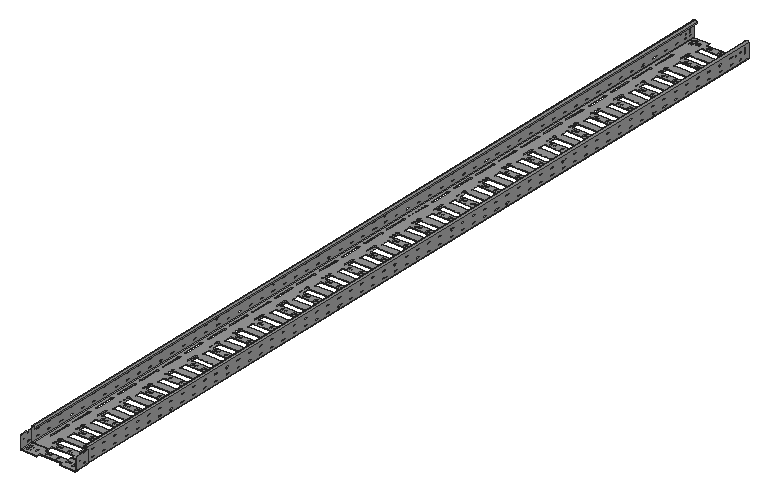
Revit family "MKSM Magic Kabelrinne 1 mm- MKSM 620 FT,FS", category Generic Models, Revit 2017 (continued)
Dimensions and locks
  locked: cut or joined group 1 (Extrusion 1, Extrusion 8, Extrusion 13, Extrusion 14, Extrusion 15, Extrusion 16, Extrusion 17, Extrusion 18, Extrusion 19, Extrusion 20, Extrusion 21, Extrusion 22, Extrusion 23, Extrusion 24, Extrusion 25, Extrusion 26, Extrusion 27, Extrusion 28, Extrusion 29, Extrusion 30, Extrusion 31, Extrusion 32, Extrusion 33, Extrusion 34, Extrusion 35, Extrusion 36, Extrusion 37, Extrusion 38, Extrusion 39, Extrusion 40, Extrusion 41, Extrusion 42, Extrusion 43, Extrusion 44, Extrusion 45, Extrusion 46, Extrusion 47, Extrusion 48, Extrusion 49, Extrusion 50, Extrusion 51, Extrusion 52, Extrusion 53, Extrusion 54, Extrusion 55, Extrusion 56, Extrusion 57, Extrusion 58, Extrusion 59, Extrusion 60, Extrusion 61, Extrusion 62, Extrusion 63, Extrusion 64, Extrusion 65, Extrusion 66, Extrusion 67, Extrusion 68, Extrusion 69, Extrusion 70, Extrusion 71, Extrusion 72, Extrusion 73, Extrusion 74, Extrusion 75, Extrusion 76, Extrusion 77, Extrusion 78, Extrusion 79, Extrusion 80, Extrusion 81, Extrusion 82, Extrusion 83, Extrusion 84, Extrusion 85, Extrusion 86, Extrusion 87, Extrusion 88, Extrusion 89, Extrusion 90, Extrusion 91, Extrusion 92, Extrusion 93, Extrusion 94, Extrusion 95, Extrusion 96, Extrusion 97, Extrusion 98, Extrusion 99, Extrusion 100, Extrusion 101, Extrusion 102, Extrusion 103, Extrusion 104, Extrusion 105, Extrusion 106, Extrusion 107, Extrusion 108, Extrusion 109, Extrusion 110, Extrusion 111, Extrusion 112, Extrusion 113, Extrusion 114, Extrusion 115, Extrusion 116, Extrusion 117, Extrusion 118, Extrusion 119, Extrusion 120, Extrusion 121, Extrusion 122, Extrusion 123, Extrusion 124, Extrusion 125, Extrusion 126, Extrusion 127, Extrusion 128, Extrusion 129, Extrusion 130, Extrusion 131, Extrusion 132, Extrusion 133, Extrusion 134, Extrusion 135, Extrusion 136, Extrusion 137, Extrusion 138, Extrusion 139, Extrusion 140, Extrusion 141, Extrusion 142, Extrusion 143, Extrusion 144, Extrusion 145, Extrusion 146, Extrusion 147, Extrusion 148, Extrusion 149, Extrusion 150, Extrusion 151, Extrusion 152, Extrusion 153, Extrusion 154, Extrusion 155, Extrusion 156, Extrusion 157, Extrusion 158, Extrusion 159, Extrusion 160, Extrusion 161, Extrusion 162, Extrusion 163, Extrusion 164, Extrusion 165, Extrusion 166, Extrusion 167, Extrusion 168, Extrusion 169, Extrusion 170, Extrusion 171, Extrusion 172, Extrusion 173, Extrusion 174, Extrusion 175, Extrusion 176, Extrusion 177, Extrusion 178, Extrusion 179, Extrusion 180, Extrusion 181, Extrusion 182, Extrusion 183, Extrusion 184, Extrusion 185, Extrusion 186, Extrusion 187, Extrusion 188, Extrusion 189, Extrusion 190, Extrusion 191, Extrusion 192, Extrusion 193, Extrusion 194, Extrusion 195, Extrusion 196, Extrusion 197, Extrusion 198, Extrusion 199, Extrusion 200, Extrusion 201, Extrusion 202, Extrusion 203, Extrusion 204, Extrusion 205, Extrusion 206, Extrusion 207, Extrusion 208, Extrusion 209, Extrusion 210, Extrusion 211, Extrusion 212, Extrusion 213, Extrusion 214, Extrusion 215, Extrusion 216, Extrusion 217, Extrusion 218, Extrusion 219, Extrusion 220, Extrusion 221, Extrusion 222, Extrusion 223, Extrusion 224, Extrusion 225, Extrusion 226, Extrusion 227, Extrusion 228, Extrusion 229, Extrusion 230, Extrusion 231, Extrusion 232, Extrusion 233, Extrusion 234, Extrusion 235, Extrusion 236, Extrusion 237, Extrusion 238, Extrusion 239, Extrusion 240, Extrusion 241, Extrusion 242, Extrusion 243, Extrusion 244, Extrusion 245, Extrusion 246, Extrusion 247, Extrusion 248, Extrusion 249, Extrusion 250, Extrusion 251, Extrusion 253, Extrusion 254, Extrusion 255, Extrusion 256, Extrusion 257, Extrusion 258, Extrusion 259, Extrusion 260, Extrusion 261, Extrusion 262, Extrusion 267, Extrusion 268, Extrusion 269, Extrusion 270, Extrusion 271, Extrusion 272, Extrusion 273, Extrusion 274, Extrusion 275, Extrusion 276, Extrusion 277, Extrusion 278, Extrusion 279, Extrusion 280, Extrusion 281, Extrusion 282, Extrusion 283, Extrusion 284, Extrusion 285, Extrusion 286, Extrusion 287, Extrusion 288, Extrusion 289, Extrusion 290, Extrusion 291, Extrusion 292, Extrusion 293, Extrusion 294, Extrusion 295, Extrusion 296, Extrusion 297, Extrusion 298, Extrusion 299, Extrusion 300, Extrusion 301, Extrusion 302, Extrusion 303, Extrusion 304, Extrusion 305, Extrusion 306, Extrusion 307, Extrusion 308, Extrusion 309, Extrusion 310, Extrusion 311, Extrusion 312, Extrusion 313, Extrusion 314, Extrusion 315, Extrusion 316, Extrusion 317, Extrusion 318, Extrusion 319, Extrusion 320, Extrusion 321, Extrusion 322, Extrusion 323, Extrusion 324, Extrusion 325, Extrusion 326, Extrusion 327, Extrusion 328, Extrusion 329, Extrusion 330, Extrusion 331, Extrusion 332, Extrusion 333, Extrusion 334, Extrusion 335, Extrusion 336, Extrusion 337, Extrusion 338, Extrusion 339, Extrusion 340, Extrusion 341, Extrusion 342, Extrusion 343, Extrusion 344, Extrusion 345, Extrusion 346, Extrusion 347, Extrusion 348, Extrusion 349, Extrusion 350, Extrusion 351, Extrusion 352, Extrusion 353, Extrusion 354, Extrusion 355, Extrusion 356, Extrusion 357, Extrusion 358, Extrusion 359, Extrusion 360, Extrusion 361, Extrusion 362, Extrusion 363, Extrusion 364, Extrusion 365, Extrusion 366, Extrusion 367, Extrusion 368, Extrusion 369, Extrusion 370, Extrusion 371, Extrusion 372, Extrusion 373, Extrusion 374, Extrusion 375, Extrusion 376, Extrusion 377, Extrusion 378, Extrusion 379, Extrusion 380, Extrusion 381, Extrusion 382, Extrusion 383, Extrusion 384, Extrusion 385, Extrusion 386, Extrusion 387, Extrusion 388, Extrusion 389, Extrusion 390, Extrusion 391, Extrusion 392, Extrusion 393, Extrusion 394, Extrusion 395, Extrusion 396, Extrusion 397, Extrusion 398, Extrusion 399, Extrusion 400, Extrusion 401, Extrusion 402, Extrusion 403, Extrusion 404, Extrusion 405, Extrusion 406, Extrusion 407, Extrusion 408, Extrusion 409, Extrusion 410, Extrusion 411, Extrusion 412, Extrusion 413, Extrusion 414) to Extrusion 15 sketch curve at 28
  locked: cut or joined group 1 to Extrusion 15 sketch curve at 43.4
  plane 38 to Extrusion 18 sketch curve = 3.5 mm  (x2)
  locked: Extrusion 18 sketch curve to cut or joined group 1 at 28
  locked: Extrusion 18 sketch curve to cut or joined group 1 at 43.4
  locked: plane 39 to cut or joined group 1 at 76.25
  locked: plane 42 to plane 39 at 50.819
  locked: cut or joined group of Extrusion 2, Extrusion 3, Extrusion 4, Extrusion 5, Extrusion 6, Extrusion 7, Extrusion 8, Extrusion 9, Extrusion 10, Extrusion 11, Extrusion 12, Extrusion 252, Extrusion 253 to plane 43 at 76.25
  plane 44 to Extrusion 19 sketch curve = 3.5 mm  (x2)
  locked: cut or joined group 1 to plane 43 at 10
  locked: plane 43 to cut or joined group 1 at 10
  plane 45 to Extrusion 20 sketch curve = 3.5 mm  (x2)
  plane 46 to Extrusion 21 sketch curve = 3.5 mm  (x2)
  equal spacing: group 1, group 2, group 3, group 4, group 5, group 6, group 7, group 8, group 9, group 10, group 11, group 12, group 13, group 14, group 15, group 16, group 17, group 18, group 19, group 20, group 21, group 22, group 23, group 24, group 25, group 26, group 27, group 28, group 29, group 30, group 31, group 32, group 33, group 34, group 35, group 36, group 37, group 38, group 39, group 40, group 41, group 42, group 43, group 44, group 45, group 46, group 47, group 48, group 49, group 50, group 51, group 52, group 53, group 54, group 55, group 56, group 57  (x3)
  plane 47 to Extrusion 22 sketch curve = 3.5 mm  (x2)
  plane 48 to Extrusion 23 sketch curve = 3.5 mm  (x2)
  plane 49 to Extrusion 24 sketch curve = 3.5 mm  (x2)
  plane 50 to Extrusion 25 sketch curve = 3.5 mm  (x2)
  plane 51 to Extrusion 26 sketch curve = 3.5 mm  (x2)
  plane 52 to Extrusion 27 sketch curve = 3.5 mm  (x2)
  plane 53 to Extrusion 28 sketch curve = 3.5 mm  (x2)
  plane 54 to Extrusion 29 sketch curve = 3.5 mm  (x2)
  plane 55 to Extrusion 30 sketch curve = 3.5 mm  (x2)
  plane 56 to Extrusion 31 sketch curve = 3.5 mm  (x2)
  plane 57 to Extrusion 32 sketch curve = 3.5 mm  (x2)
  plane 58 to Extrusion 33 sketch curve = 3.5 mm  (x2)
  plane 59 to Extrusion 34 sketch curve = 3.5 mm  (x2)
  plane 60 to Extrusion 35 sketch curve = 3.5 mm  (x2)
  plane 61 to Extrusion 36 sketch curve = 3.5 mm  (x2)
  plane 62 to Extrusion 37 sketch curve = 3.5 mm  (x2)
  plane 63 to Extrusion 38 sketch curve = 3.5 mm  (x2)
  plane 64 to Extrusion 39 sketch curve = 3.5 mm  (x2)
  plane 65 to Extrusion 40 sketch curve = 3.5 mm  (x2)
  plane 66 to Extrusion 41 sketch curve = 3.5 mm  (x2)
  plane 67 to Extrusion 42 sketch curve = 3.5 mm  (x2)
  plane 68 to Extrusion 43 sketch curve = 3.5 mm  (x2)
  plane 69 to Extrusion 44 sketch curve = 3.5 mm  (x2)
  plane 70 to Extrusion 45 sketch curve = 3.5 mm  (x2)
  plane 71 to Extrusion 46 sketch curve = 3.5 mm  (x2)
  plane 72 to Extrusion 47 sketch curve = 3.5 mm  (x2)
  plane 73 to Extrusion 48 sketch curve = 3.5 mm  (x2)
  plane 74 to Extrusion 49 sketch curve = 3.5 mm  (x2)
  plane 75 to Extrusion 50 sketch curve = 3.5 mm  (x2)
  plane 76 to Extrusion 51 sketch curve = 3.5 mm  (x2)
  plane 77 to Extrusion 52 sketch curve = 3.5 mm  (x2)
  plane 78 to Extrusion 53 sketch curve = 3.5 mm  (x2)
  plane 79 to Extrusion 54 sketch curve = 3.5 mm  (x2)
  plane 80 to Extrusion 55 sketch curve = 3.5 mm  (x2)
  plane 81 to Extrusion 56 sketch curve = 3.5 mm  (x2)
  plane 82 to Extrusion 57 sketch curve = 3.5 mm  (x2)
  plane 83 to Extrusion 58 sketch curve = 3.5 mm  (x2)
  plane 84 to Extrusion 59 sketch curve = 3.5 mm  (x2)
  plane 85 to Extrusion 60 sketch curve = 3.5 mm  (x2)
  plane 86 to Extrusion 61 sketch curve = 3.5 mm  (x2)
  plane 87 to Extrusion 62 sketch curve = 3.5 mm  (x2)
  plane 88 to Extrusion 63 sketch curve = 3.5 mm  (x2)
  plane 89 to Extrusion 64 sketch curve = 3.5 mm  (x2)
  plane 90 to Extrusion 65 sketch curve = 3.5 mm  (x2)
  plane 91 to Extrusion 66 sketch curve = 3.5 mm  (x2)
  plane 92 to Extrusion 67 sketch curve = 3.5 mm  (x2)
  plane 93 to Extrusion 68 sketch curve = 3.5 mm  (x2)
  plane 94 to Extrusion 69 sketch curve = 3.5 mm  (x2)
  plane 95 to Extrusion 70 sketch curve = 3.5 mm  (x2)
  plane 96 to Extrusion 71 sketch curve = 3.5 mm  (x2)
  plane 97 to Extrusion 72 sketch curve = 3.5 mm  (x2)
  plane 98 to Extrusion 73 sketch curve = 3.5 mm  (x2)
  plane 99 to Extrusion 74 sketch curve = 3.5 mm  (x2)
  plane 100 to Extrusion 75 sketch curve = 3.5 mm  (x2)
  plane 101 to Extrusion 76 sketch curve = 3.5 mm  (x2)
  plane 43 to plane 39 = 2897.5 mm
  group 58 to group 59 = 0 mm  (x2)
  group 58 to group 59 = 50.838 mm
  equal spacing: group 59, group 60, group 61, group 62, group 63, group 64, group 65, group 66, group 67, group 68, group 69, group 70, group 71, group 72, group 73, group 74, group 75, group 76, group 77, group 78, group 79, group 80, group 81, group 82, group 83, group 84, group 85, group 86, group 87, group 88, group 89, group 90, group 91, group 92, group 93, group 94, group 95, group 96, group 97, group 98, group 99, group 100, group 101, group 102, group 103, group 104, group 105, group 106, group 107, group 108, group 109, group 110, group 111, group 112, group 113, group 114, group 115  (x3)
  plane 103 to cut or joined group 1 = 10 mm
  group 117 to group 118 = 0 mm  (x2)
  group 117 to group 118 = 50.802 mm
  equal spacing: group 118, group 119, group 120, group 121, group 122, group 123, group 124, group 125, group 126, group 127, group 128, group 129, group 130, group 131, group 132, group 133, group 134, group 135, group 136, group 137, group 138, group 139, group 140, group 141, group 142, group 143, group 144, group 145, group 146, group 147, group 148, group 149, group 150, group 151, group 152, group 153, group 154, group 155, group 156, group 157, group 158, group 159, group 160, group 161, group 162, group 163, group 164, group 165, group 166, group 167, group 168, group 169, group 170, group 171, group 172, group 173, group 174  (x3)
  equal spacing: group 116, group 175, group 176, group 177, group 178, group 179, group 180, group 181, group 182, group 183, group 184, group 185, group 186, group 187, group 188, group 189, group 190, group 191, group 192, group 193, group 194, group 195, group 196, group 197, group 198, group 199, group 200, group 201, group 202, group 203, group 204, group 205, group 206, group 207, group 208, group 209, group 210, group 211, group 212, group 213, group 214, group 215, group 216, group 217, group 218, group 219, group 220, group 221, group 222, group 223, group 224, group 225, group 226, group 227, group 228, group 229, group 230  (x3)
